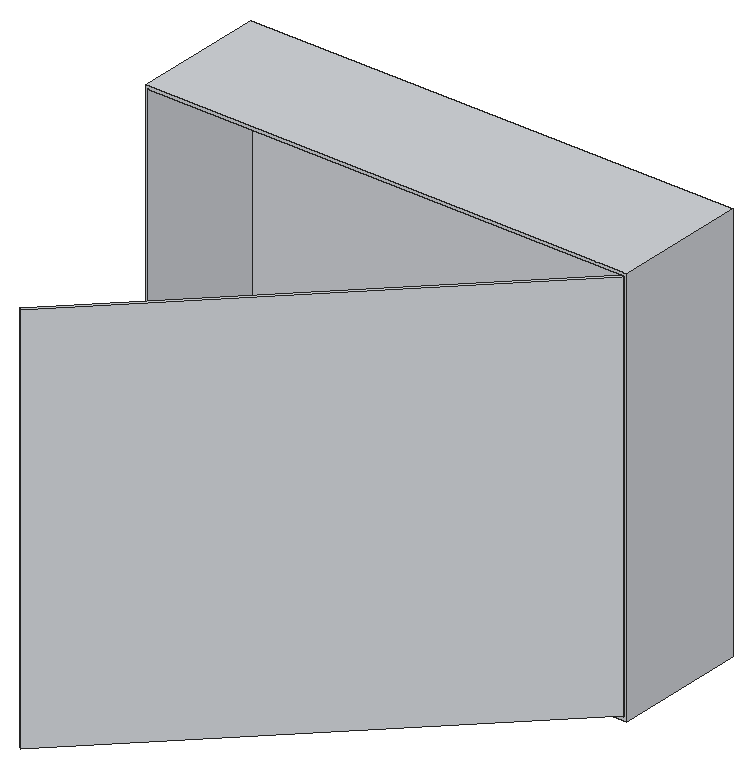
Revit family "Univers-IP41-empty-Surface_mounted-NoHosted-CH-en", category Electrical Equipment, Revit 2020
Family settings
  Panel Configuration = Two Columns, Circuits Across
  Round Connector Dimension = Use Diameter
  Part Type = Panelboard
  Work Plane-Based = Yes
  Always vertical = Yes
  Cut with Voids When Loaded = No
  Shared = No
  Room Calculation Point = No
Parameters (values of type "Surface mounted IP41 W540 H450 D148 0 Modular spacings - FB3008SN")
  Width Control [instance] = if([HG000006 - Flush mounted], if([EF000846 - Built-in width] > min_whd, [EF000846 - Built-in width], min_whd), if([EF000008 - Width] > min_whd, ([EF000008 - Width]), min_whd))  # 540 mm
  Void Depth [instance] = if([EF000218 - Built-in depth] > 1 mm, [EF000218 - Built-in depth], 1 mm)  # 84 mm
  Type Comments = [HG000003 - Range]  # "Univers"
  System Height [instance] = Height Control - 2 * [HG000005 - Thickness]  # 444 mm
  Panel Name [instance] = ""  # (empty or 0)
  Offset [instance] = 0 mm
  Model = [HG000004 - Manufacturer reference]  # "FB3008SN"
  Level Offset [instance] = [Flush Mounted - Door Frame Width] + Offset  # 0 mm
  HG000011 - Empty rows from bottom = no
  HG000005 - Thickness = 3 mm  # constant formula
  Description = ""
  Default Elevation = 1219.2 mm
  Arrow Offset [instance] = Depth Control / 8  # 18.5 mm
  Arrow Height [instance] = Depth Control - Arrow Offset  # 129.5 mm
  Host Offset [instance] = if([HG000006 - Flush mounted], 0 mm, [EF000049 - Depth])  # 148 mm
  min_whd [instance] = (2 * [HG000005 - Thickness]) + 1 mm  # 7 mm
  Manufacturer = "Hager"  # constant formula
  Height Control [instance] = if([HG000006 - Flush mounted], if([EF000332 - Built-in height] > min_whd, [EF000332 - Built-in height], min_whd), if([EF000040 - Height] > min_whd, ([EF000040 - Height]), min_whd))  # 450 mm
  HG000010 - Asymmetric doors = no
  HG000009 - Double swing door = no
  HG000008 - Number of empty rows = 0
  HG000007 - Number of empty columns = 0
  HG000006 - Flush mounted = no
  HG000004 - Manufacturer reference = "FB3008SN"
  HG000003 - Range = "Univers"
  HG000002 - With door or cover = yes
  HG000001 - Number of columns = 0
  Flush Mounted - Door Frame Width [instance] = if(([EF000040 - Height] - [EF000332 - Built-in height]) > 0 mm, if([HG000006 - Flush mounted], [EF000040 - Height] - [EF000332 - Built-in height], 0 mm), 0 mm)  # 0 mm
  EF015941 - Signal passing door = no
  EF015777 - Neutral terminal block = no
  EF015776 - Earthing terminal block = no
  EF009212 - Cover model = "EV000116 - Closed"
  EF006306 - With lock = no
  EF006244 - Transparent cover/door = no
  EF005474 - Degree of protection (IP) = "EV006416 - IP41"
  EF004462 - Type of closure = "0"
  EF002950 - Width in number of modular spacings = 0
  EF001596 - Material housing = "EV000154 - Other"
  EF001134 - DIN-rail = no
  EF001131 - Internal depth = 84 mm
  EF001088 - Extension possible = no
  EF001062 - EMC-version = no
  EF000846 - Built-in width = 300 mm
  EF000339 - Type of cover = "EV004216 - Door"
  EF000332 - Built-in height = 0 mm
  EF000266 - Number of rows = 0
  EF000218 - Built-in depth = 84 mm
  EF000118 - With mounting plate = no
  EF000116 - RAL-number = "9010"
  EF000049 - Depth = 148 mm
  EF000040 - Height = 450 mm
  EF000008 - Width = 540 mm
  EF000007 - Colour = "EV000202 - White"
  EF000003 - Mounting method = "EV000384 - Surface mounted (plaster)"
  Door_Right [instance] = yes
  Door_Left [instance] = not(Door_Right)  # no
  Door Swing Angle [instance] = 45.00°
  Door 3d Visibility [instance] = yes
  Depth Control [instance] = if([HG000006 - Flush mounted], if([EF000218 - Built-in depth] > 0 mm, [EF000218 - Built-in depth], 1 mm), if([EF000049 - Depth] > 0 mm, ([EF000049 - Depth]), 1 mm))  # 148 mm
  Clearance Visibility [instance] = no
Types (3, lengths in mm): name | Width Control | System Height | Model | Arrow Offset | Arrow Height | Host Offset | Height Control | HG000004 - Manufacturer reference | EF004462 - Type of closure | EF000846 - Built-in width | EF000049 - Depth | EF000040 - Height | EF000008 - Width | Depth Control
  Surface mounted IP41 W350 H350 D128 0 Modular spacings - FB2008LN | 350 | 344 | "FB2008LN" | 16 | 112 | 128 | 350 | "FB2008LN" | "EV000154 - Other" | 200 | 128 | 350 | 350 | 128
  Surface mounted IP41 W450 H450 D128 0 Modular spacings - FB3008LN | 450 | 444 | "FB3008LN" | 16 | 112 | 128 | 450 | "FB3008LN" | "EV000154 - Other" | 300 | 128 | 450 | 450 | 128
  Surface mounted IP41 W540 H450 D148 0 Modular spacings - FB3008SN | 540 | 444 | "FB3008SN" | 18.5 | 129.5 | 148 | 450 | "FB3008SN" | "0" | 300 | 148 | 450 | 540 | 148
Reference planes
  plane 1 "Center (Front/Back)": y = 0
  plane 2: z = 0
  plane 3 "Center (Left/Right)": x = 0
  plane 4: y = 3
  plane 5: y = 0
  plane 6: y = 0
  plane 7: z = 0
  plane 8: x = -270
  plane 9: x = 270
  plane 10: x = 267
  plane 11: x = -267
  plane 12: z = 0
  plane 13: z = 3
  plane 14: y = -143
  plane 15: y = -148
  plane 16: y = -3
  plane 17: z = 447
  plane 18: z = 450
  plane 19: z = 225
  plane 20: x = 2000
  plane 21: x = 0
  plane 22: y = -2100
  plane 23: y = -100
Forms (mm)
  Extrusion 1, solid
    sketch origin (-208.679, -4572, 0) x (-1, 0, 0) y (0, -1, 0)
      loop
        line (61.321, -4424) -> (-478.679, -4424) -> (-478.679, -4572) -> (61.321, -4572) -> (61.321, -4424)
    from 0 to 450 <- "Height Control"
  Extrusion 2, void
    sketch origin (-350.771, -148, 1219.2) x (1, 0, 0) y (0, 0, 1)
      loop
        line (83.771, -772.2) -> (83.771, -1216.2) -> (617.771, -1216.2) -> (617.771, -772.2) -> (83.771, -772.2)
    from 0 to -145
  Extrusion 3, solid, detail levels coarse
    sketch origin (-350.771, -148, 1219.2) x (-1, 0, 0) y (0, 0, 1)
      loop
        line (-83.771, -772.2) -> (-617.771, -772.2) -> (-617.771, -1216.2) -> (-83.771, -1216.2) -> (-83.771, -772.2)
    from 0 to 3 <- "HG000005 - Thickness"
Cuts and joins
  Extrusion 2 cuts Extrusion 1
Dimensions and locks
  "Flush Mounted - Door Frame Width": plane 1 "Center (Front/Back)" to plane 6
  "HG000005 - Thickness": plane 4 to plane 6
  "HG000005 - Thickness": plane 8 to plane 11
  "HG000005 - Thickness": plane 9 to plane 10
  equal spacing: plane 8, plane 3 "Center (Left/Right)", plane 9
  "Width Control": plane 8 to plane 9
  locked: plane 14 to plane 15 at 5
  "Host Offset": plane 1 "Center (Front/Back)" to plane 15
  "Depth Control": plane 5 to plane 15
  "HG000005 - Thickness": plane 5 to plane 16
  "HG000005 - Thickness": plane 13 to plane 12
  "Level Offset": plane 12 to level
  "HG000005 - Thickness": plane 18 to plane 17
  "Height Control": plane 18 to plane 12
  "Arrow Offset": plane 5 to nested 4
  equal spacing: plane 18, plane 19, plane 12
  locked: connector elem to plane 19
  locked: connector elem to plane 3 "Center (Left/Right)"
  locked: plane 3 "Center (Left/Right)" to plane 20 at 2000
  locked: plane 21 to plane 20 at 2000
  locked: plane 23 to plane 22 at 2000
  aligned and locked: nested 1 to plane 14
  aligned and locked: plane 3 "Center (Left/Right)" to nested 1
  aligned and locked: plane 3 "Center (Left/Right)" to nested 2
  aligned and locked: nested 2 to plane 15
  aligned and locked: plane 5 to Extrusion 1
  aligned and locked: Extrusion 3 sketch curve to plane 17
  aligned and locked: Extrusion 3 sketch curve to plane 11
  aligned and locked: Extrusion 3 sketch curve to plane 13
  aligned and locked: Extrusion 3 sketch curve to plane 10
  aligned and locked: Extrusion 2 sketch curve to plane 13
  aligned and locked: Extrusion 2 sketch curve to plane 10
  aligned and locked: Extrusion 2 sketch curve to plane 17
  aligned and locked: Extrusion 2 sketch curve to plane 11
  aligned and locked: plane 16 to Extrusion 2
  aligned and locked: plane 5 to Extrusion 1 sketch curve
  aligned and locked: plane 9 to Extrusion 1 sketch curve
  aligned and locked: plane 8 to Extrusion 1 sketch curve
  aligned and locked: plane 8 to nested 4
  aligned and locked: plane 8 to nested 3
  aligned and locked: nested 3 to plane 5
  aligned and locked: Extrusion 1 sketch curve to plane 15
  aligned and locked: Extrusion 2 to plane 15
Nested families
  nested 1: "Hager_Enclosure_System" at (0, -143, 3), No_Columns <- "HG000001 - Number of columns", Flush_Mounted <- "HG000006 - Flush mounted", Width <- "EF000008 - Width", Height <- "System Height", Width_Control <- "Width Control", Row_Module_Multiplicator <- "EF002950 - Width in number of modular spacings", Empty_Columns <- "HG000007 - Number of empty columns", No_Rows <- "EF000266 - Number of rows", Built-in_Width <- "EF000846 - Built-in width", Border <- "HG000005 - Thickness", Total_No_Empty_Rows <- "HG000008 - Number of empty rows", Depth <- "HG000005 - Thickness", Empty_Rows_From_Bottom <- "HG000011 - Empty rows from bottom", type "Hager_Enclosure_System", detail levels medium+fine
    with Width_Control 540 mm, Width 540 mm, Total_No_Rows 0, Total_No_Empty_Rows 0, Total_No_Columns 1, System_Width 534 mm, Rows_Column 0, Row_Module_Multiplicator 0, Panel_4 no, Panel_3 no, Panel_2 no, Panel_1 no, No_Rows 0, No_Panels_Ctrl 1, No_Columns 0, Hide_Columns yes, Height 444 mm, Flush_Mounted no, Empty_Rows_From_Bottom no, Empty_Rows_Column 0, Empty_Columns 0, Depth 3 mm, Column_Width 534 mm, Built-in_Width 300 mm, Border 3 mm
  nested 2: "Hager_Enclosure_Door" at (0, -148, 0), Double <- "HG000009 - Double swing door", Height_Ctrl <- "Height Control", Transparent <- "EF006244 - Transparent cover/door", Depth <- "EF000049 - Depth", Height <- "EF000040 - Height", Angle <- "Door Swing Angle", Door_Right <- "Door_Right", Assymetrical <- "HG000010 - Asymmetric doors", Flush_Mounted <- "HG000006 - Flush mounted", BuiltIn_Depth <- "EF000218 - Built-in depth", BuiltIn_Width <- "EF000846 - Built-in width", Door <- "HG000002 - With door or cover", Width_Ctrl <- "Width Control", 3d_Door <- "Door 3d Visibility", Width <- "EF000008 - Width", Border <- "HG000005 - Thickness", BuiltIn_Height <- "EF000332 - Built-in height", Clearance <- "Clearance Visibility", Door_Left <- "Door_Left", type "Hager_Enclosure_Door", detail levels medium+fine
    with min_wh 7 mm, Width_Ctrl 540 mm, Width 540 mm, Transparent no, Leaf_Width 531 mm, Leaf_Tolerance 1.5 mm, Leaf_Height 441 mm, Leaf_2_Width 531 mm, Leaf_2_Offset 265.5 mm, Leaf_1_Width 531 mm, Leaf_1_Offset 265.5 mm, Height_Ctrl 450 mm, Height 450 mm, Frame_Width_Ctrl 240 mm, Frame_Width 240 mm, Frame_Internal_Offset 0 mm, Frame_Height_Ctrl 450 mm, Frame_Height 450 mm, Frame_Depth_Ctrl 1 mm, Frame_Depth 0 mm, Flush_Mounted no, Double_Clearance_Ctrl no, Double no, Door_Right_Ctrl yes, Door_Right yes, Door_Left_Ctrl no, Door_Left no, Door yes, Depth 148 mm, Clearance_Depth 531 mm, Clearance_Ctrl no, Clearance no, BuiltIn_Width 300 mm, BuiltIn_Height 0 mm, BuiltIn_Depth 84 mm, Border 3 mm, Assymetrical no, Angle 45.00°, 3d_Door yes
  nested 3: "Hager_Enclosure_Symbol_Triangle" at (-270, 0, 0), Depth <- "Depth Control", Width <- "Width Control", type "Hager_Enclosure_Symbol_Triangle"
    with Width_Ctrl 540 mm, Width 540 mm, Depth_Ctrl 148 mm, Depth 148 mm
  nested 4: "Hager_Enclosure_Symbol_Arrow" at (-270, -18.5, 0), Height <- "Arrow Height", type "Hager_Enclosure_Symbol_Arrow"
    with Width_Inside 9.713 mm, Width 116.55 mm, Height_Ctrl 129.5 mm, Height 129.5 mm
Connectors
  electrical at (0, 0, 225)
    settings: on plane 5, index 1, voltage 0 V, apparent load 0 VA, apparent load phase1 0 VA, apparent load phase2 0 VA, apparent load phase3 0 VA, power factor 1, load classification "Other", number of poles 1, system type 30, power factor state 1, is connector primary yes, connector utility no, sub classification motor no, connector description ""
Definition of nested family "Hager_Enclosure_Door"
  Parameters (values of type "Hager_Enclosure_Door")
    min_wh [instance] = (2 * Border) + 1 mm  # 11 mm
    Width_Ctrl [instance] = 400 mm
    Width [instance] = 500 mm
    Transparent [instance] = yes
    Leaf_Width [instance] = if((Width_Ctrl - 2 * Border - 2 * Leaf_Tolerance) > 0 mm, (Width_Ctrl - 2 * Border - 2 * Leaf_Tolerance), min_wh)  # 387 mm
    Leaf_Tolerance [instance] = 1.5 mm  # constant formula
    Leaf_Height [instance] = if((Height_Ctrl - 2 * Border - 2 * Leaf_Tolerance) > 0 mm, (Height_Ctrl - 2 * Border - 2 * Leaf_Tolerance), min_wh)  # 387 mm
    Leaf_2_Width [instance] = if(and(and(Double, Assymetrical), Door_Left), (Leaf_Width / 3) - (Leaf_Tolerance / 2), if(and(and(Double, Assymetrical), Door_Right), (Leaf_Width / 3) * 2 - (Leaf_Tolerance / 2), if(and(Double, not(Assymetrical)), (Leaf_Width / 2) - Leaf_Tolerance, Leaf_Width)))  # 192 mm
    Leaf_2_Offset [instance] = if(and(Double, Assymetrical), Leaf_2_Width / 2, if(and(Double, not(Assymetrical)), Leaf_Width / 4, Leaf_Width / 2))  # 96.75 mm
    Leaf_1_Width [instance] = if(and(and(Double, Assymetrical), Door_Right), (Leaf_Width / 3) - (Leaf_Tolerance / 2), if(and(and(Double, Assymetrical), Door_Left), (Width / 3) * 2 - (Leaf_Tolerance / 2), if(and(Double, not(Assymetrical)), (Leaf_Width / 2) - Leaf_Tolerance, Leaf_Width)))  # 192 mm
    Leaf_1_Offset [instance] = if(and(Double, Assymetrical), Leaf_1_Width / 2, if(and(Double, not(Assymetrical)), Leaf_Width / 4, Leaf_Width / 2))  # 96.75 mm
    Height_Ctrl [instance] = 400 mm
    Height [instance] = 500 mm
    Frame_Width_Ctrl [instance] = if(Frame_Width > 0 mm, Frame_Width, 1 mm)  # 1 mm
    Frame_Width [instance] = Width - BuiltIn_Width  # 0 mm
    Frame_Internal_Offset [instance] = if(Flush_Mounted, Border, 0 mm)  # 0 mm
    Frame_Height_Ctrl [instance] = if(Frame_Height > 0 mm, Frame_Height, 1 mm)  # 1 mm
    Frame_Height [instance] = Height - BuiltIn_Height  # 0 mm
    Frame_Depth_Ctrl [instance] = if(Frame_Depth > 0 mm, Frame_Depth, 1 mm)  # 1 mm
    Frame_Depth [instance] = if(Depth - BuiltIn_Depth > 0 mm, if(Flush_Mounted, Depth - BuiltIn_Depth, 0 mm), 0 mm)  # 0 mm
    Flush_Mounted [instance] = no
    Double_Clearance_Ctrl [instance] = and(Double, Clearance)  # yes
    Double [instance] = yes
    Door_Right_Ctrl [instance] = and(or(Door_Right, Double), Door)  # yes
    Door_Right [instance] = yes
    Door_Left_Ctrl [instance] = and(or(Door_Left, Double), Door)  # yes
    Door_Left [instance] = no
    Door [instance] = yes
    Depth [instance] = 500 mm
    Default Elevation = 1219.2 mm
    Clearance_Material = none
    Clearance_Depth [instance] = if(Leaf_1_Width > Leaf_2_Width, Leaf_1_Width, Leaf_2_Width)  # 192 mm
    Clearance_Ctrl [instance] = and(not(Double), Clearance)  # no
    Clearance [instance] = yes
    BuiltIn_Width [instance] = 500 mm
    BuiltIn_Height [instance] = 500 mm
    BuiltIn_Depth [instance] = 500 mm
    Border [instance] = 5 mm
    Assymetrical [instance] = no
    Angle [instance] = 65.00°
    3d_Door [instance] = yes
  Reference planes
    plane 1 "Center (Front/Back)": y = 0
    plane 2 "Bottom": z = 0
    plane 3 "Center (Left/Right)": x = 0
    plane 4: z = 400
    plane 5: x = -200
    plane 6: x = 200
    plane 7: z = 395
    plane 8: x = -195
    plane 9: z = 5
    plane 10: x = 195
    plane 11: y = 0
    plane 12: z = 6.5
    plane 13: x = -387
    plane 14: y = -192
    plane 15: x = 387
    plane 16: x = -96.75
    plane 17: x = 96.75
    plane 18: x = -193.5
    plane 19: x = 193.5
    plane 20: z = 393.5
  Forms (mm)
    Extrusion 1, solid, visible <- "Flush_Mounted"
      sketch origin (0, 0, 0) x (1, 0, 0) y (0, 0, 1)
        loop
          line (200, 0) -> (200, 400) -> (-200, 400) -> (-200, 0) -> (200, 0)
        loop
          line (-201, 401) -> (-201, -1) -> (201, -1) -> (201, 401) -> (-201, 401)
      from 0 to 1 <- "Frame_Depth_Ctrl"
    Extrusion 2, solid, material <- "Clearance_Material", visible <- "Double_Clearance_Ctrl"
      sketch origin (1200, 0, 0) x (1, 0, 0) y (0, 0, -1)
        loop
          line (-1587, -393.5) -> (-813, -393.5) -> (-813, 0) -> (-1587, 0) -> (-1587, -393.5)
      from 0 to -192
  Dimensions and locks
    equal spacing: plane 5, plane 3 "Center (Left/Right)", plane 6
    "Width_Ctrl": plane 5 to plane 6
    "Border": plane 5 to plane 8
    "Border": plane 6 to plane 10
    "Border": plane 9 to level
    "Border": plane 4 to plane 7
    "Height_Ctrl": plane 4 to level
    "Leaf_Tolerance": plane 12 to plane 9
    "Frame_Depth": plane 11 to plane 1 "Center (Front/Back)"
    "Frame_Width_Ctrl": plane 5 to Extrusion 1 sketch curve
    "Frame_Width_Ctrl": plane 6 to Extrusion 1 sketch curve
    "Frame_Width_Ctrl": Extrusion 1 sketch curve to plane 4
    "Frame_Width_Ctrl": plane 2 "Bottom" to Extrusion 1 sketch curve
    "Leaf_1_Offset": plane 18 to plane 16
    "Leaf_2_Offset": plane 17 to plane 19
    "Leaf_1_Width": plane 13 to plane 8
    "Leaf_2_Width": plane 10 to plane 15
    "Clearance_Depth": plane 14 to plane 1 "Center (Front/Back)"
    "Leaf_Tolerance": plane 8 to plane 18
    "Leaf_Tolerance": plane 19 to plane 10
    "Leaf_Tolerance": plane 7 to plane 20
    "Frame_Internal_Offset": plane 5 to Extrusion 1 sketch curve
    "Frame_Internal_Offset": Extrusion 1 sketch curve to plane 2 "Bottom"
    "Frame_Internal_Offset": plane 6 to Extrusion 1 sketch curve
    "Frame_Internal_Offset": plane 4 to Extrusion 1 sketch curve
    aligned and locked: level to plane 2 "Bottom"
    aligned and locked: nested 1 to plane 16
    aligned and locked: nested 2 to plane 17
    aligned and locked: Extrusion 2 to plane 13
    aligned and locked: plane 15 to Extrusion 2
    aligned and locked: Extrusion 2 to plane 14
    aligned and locked: plane 12 to nested 1
    aligned and locked: nested 2 to plane 12
    aligned and locked: Extrusion 2 to plane 11
    aligned and locked: plane 20 to Extrusion 2
    aligned and locked: nested 2 to plane 11
    aligned and locked: nested 1 to plane 11
  Automatic sketch dimensions
    Extrusion 2 sketch curve to level = 0 mm
    plane 5 to Extrusion 2 sketch curve = 187 mm
    plane 6 to Extrusion 2 sketch curve = 187 mm
    Extrusion 2 sketch curve to plane 4 = 6.5 mm
  Nested families
    nested 1: "Hager_Enclosure_Door_Leaf" at (-96.75, 0, 6.5), Width <- "Leaf_1_Width", visible <- "Door_Left_Ctrl", Leaf_Height <- "Leaf_Height", Angle <- "Angle", Depth <- "Border", 3d_Door <- "3d_Door", Transparent <- "Transparent", Clearance Material <- "Clearance_Material", Clearance <- "Clearance_Ctrl", type "Hager_Enclosure_Door_Leaf"
      with Width 192 mm, Transparent_Door_Border 25 mm, Transparent_Ctrl yes, Transparent yes, Standard no, Leaf_Height 387 mm, Glass_Offset 1 mm, Depth 5 mm, Clearance Material none, Clearance no, Angle_Ctrl 65.00°, Angle 65.00°, 3d_Door yes
    nested 2: "Hager_Enclosure_Door_Leaf" at (96.75, 0, 6.5) x (-1, 0, 0) z (0, 0, 1), Width <- "Leaf_2_Width", visible <- "Door_Right_Ctrl", Leaf_Height <- "Leaf_Height", Angle <- "Angle", Depth <- "Border", 3d_Door <- "3d_Door", Transparent <- "Transparent", Clearance Material <- "Clearance_Material", Clearance <- "Clearance_Ctrl", type "Hager_Enclosure_Door_Leaf"
      with Width 192 mm, Transparent_Door_Border 25 mm, Transparent_Ctrl yes, Transparent yes, Standard no, Leaf_Height 387 mm, Glass_Offset 1 mm, Depth 5 mm, Clearance Material none, Clearance no, Angle_Ctrl 65.00°, Angle 65.00°, 3d_Door yes
  Definition of nested family "Hager_Enclosure_Door_Leaf"
    Parameters (values of type "Hager_Enclosure_Door_Leaf")
      Width [instance] = 200 mm
      Transparent_Door_Border [instance] = 25 mm  # constant formula
      Transparent_Ctrl [instance] = and(Transparent, [3d_Door])  # yes
      Transparent [instance] = yes
      Standard [instance] = and(not(Transparent), [3d_Door])  # no
      Leaf_Height [instance] = 500 mm
      Glass_Offset [instance] = if((Depth - 10 mm) / 2 > 0 mm, (Depth - 10 mm) / 2, 1 mm)  # 1 mm
      Glass_Material = none
      Depth [instance] = 3 mm
      Default Elevation = 0 mm
      Clearance Material [instance] = none
      Clearance [instance] = no
      Angle_Ctrl [instance] = if(Angle > 170.00°, 170.00°, Angle)  # 163.00°
      Angle [instance] = 163.00°
      3d_Door [instance] = yes
    Reference planes
      plane 1 "Center (Front/Back)": y = 0
      plane 2: z = 0
      plane 3 "Center (Left/Right)": x = 0
      plane 4: y = 200
      plane 5: x = -100
      plane 6: x = 100
      plane 7: x = -300
      plane 8: z = 500
      plane 9: z = 25
      plane 10: z = 475
      plane 11: x = 75
      plane 12: x = -75
    Forms (mm)
      Extrusion 1, solid, material <- "Clearance Material", visible <- "Clearance"
        sketch origin (0, 0, 0) x (1, 0, 0) y (0, 0, 1)
          loop
            line (-300, 500) -> (-300, 0) -> (100, 0) -> (100, 500) -> (-300, 500)
        from 0 to -200
      Extrusion 2, solid, visible <- "Standard", detail levels fine
        sketch origin (-100, 0, 0) x (-0.956305, 0.292372, 0) y (-0.292372, -0.956305, 0)
          loop
            line (0, -3) -> (200, -3) -> (200, 0) -> (0, 0) -> (0, -3)
        from 0 to 500 <- "Leaf_Height"
      Extrusion 3, solid, visible <- "Transparent_Ctrl", detail levels fine
        sketch origin (-100, 0, 0) x (-0.956305, 0.292372, 0) y (-0.292372, -0.956305, 0)
          loop
            line (0, -3) -> (200, -3) -> (200, 0) -> (0, 0) -> (0, -3)
        from 0 to 500 <- "Leaf_Height"
      Extrusion 4, void, detail levels fine
        sketch origin (-100, 0, 0) x (-0.292372, -0.956305, 0) y (-0.956305, 0.292372, 0)
          loop
            line (0, 25) -> (0, 175) -> (-3, 175) -> (-3, 25) -> (0, 25)
        from -475 to -25
      Extrusion 5, solid, material <- "Glass_Material", visible <- "Transparent_Ctrl", detail levels fine
        sketch origin (-100, 0, 0) x (-0.956305, 0.292372, 0) y (-0.292372, -0.956305, 0)
          loop
            line (25, -1) -> (25, -2) -> (175, -2) -> (175, -1) -> (25, -1)
        from 25 to 475
    Cuts and joins
      Extrusion 4 cuts Extrusion 3
    Lines and regions (mm)
      symbolic lines
        curve 1: line (100, 0, 0) -> (-300, 0, 0)
        curve 2: arc (100, 0, 0) -> (-100, 200, 0) -> (-300, 0, 0) r 200
        curve 4: line (-100, 0, 0) -> (-291.261, 58.474, 0)
      reference lines
        curve 3: line (-100, 0, 0) -> (-291.261, 58.474, 0)
      symbolic lines, detail levels medium+fine
        curve 5: line (-291.261, 58.474, 0) -> (-290.384, 61.343, 0)
        curve 6: line (-290.384, 61.343, 0) -> (-99.123, 2.869, 0)
        curve 7: line (-99.123, 2.869, 0) -> (-100, 0, 0)
      symbolic lines, detail levels fine
        curve 8: line (-100, 0, 500) -> (100, 0, 500)
        curve 9: line (-100, 0, 0) -> (-100, 0, 500)
        curve 10: line (100, 0, 0) -> (-100, 0, 0)
        curve 11: line (100, 0, 500) -> (100, 0, 0)
      symbolic lines, visible <- "Transparent_Ctrl", detail levels fine
        curve 12: line (-75, 0, 475) -> (75, 0, 475)
        curve 13: line (-75, 0, 25) -> (-75, 0, 475)
        curve 14: line (75, 0, 25) -> (-75, 0, 25)
        curve 15: line (75, 0, 475) -> (75, 0, 25)
    Dimensions and locks
      "Width": plane 1 "Center (Front/Back)" to plane 4
      equal spacing: plane 5, plane 3 "Center (Left/Right)", plane 6
      "Width": plane 5 to plane 6
      "Width": plane 7 to plane 5
      "Leaf_Height": plane 8 to level
      "Depth": curve 6 to curve 3
      "Width": curve 5 to curve 3
      "Width": curve 3 to curve 3
      "Transparent_Door_Border": Extrusion 4 sketch curve to curve 7
      "Transparent_Door_Border": Extrusion 4 sketch curve to curve 5
      "Transparent_Door_Border": plane 8 to plane 10
      "Transparent_Door_Border": plane 9 to level
      "Glass_Offset": Extrusion 5 sketch curve to curve 4
      "Glass_Offset": Extrusion 5 sketch curve to curve 6
      "Transparent_Door_Border": Extrusion 5 sketch curve to curve 5
      "Transparent_Door_Border": Extrusion 5 sketch curve to curve 7
      "Transparent_Door_Border": plane 12 to plane 5
      "Transparent_Door_Border": plane 6 to plane 11
      "Angle_Ctrl": angle plane 1 "Center (Front/Back)" to curve 3
      aligned and locked: level to plane 2
      aligned and locked: Extrusion 1 to curve 1
      aligned and locked: plane 6 to Extrusion 1
      aligned and locked: plane 1 "Center (Front/Back)" to Extrusion 1
      aligned and locked: plane 4 to Extrusion 1
      aligned and locked: plane 8 to Extrusion 1
      aligned and locked: curve 4 to curve 3
      aligned and locked: Extrusion 2 sketch curve to curve 7
      aligned and locked: Extrusion 2 sketch curve to curve 6
      aligned and locked: Extrusion 2 sketch curve to curve 5
      aligned and locked: Extrusion 2 sketch curve to curve 3
      aligned and locked: curve 7 to Extrusion 3 sketch curve
      aligned and locked: Extrusion 3 sketch curve to curve 4
      aligned and locked: Extrusion 3 sketch curve to curve 6
      aligned and locked: Extrusion 3 sketch curve to curve 5
      aligned and locked: curve 4 to Extrusion 4 sketch curve
      aligned and locked: curve 6 to Extrusion 4 sketch curve
      aligned and locked: Extrusion 4 to plane 9
      aligned and locked: Extrusion 4 to plane 10
      aligned and locked: Extrusion 5 to plane 9
      aligned and locked: Extrusion 5 to plane 10
      aligned and locked: curve 8 to plane 8
      aligned and locked: plane 5 to curve 9
      aligned and locked: plane 2 to curve 10
      aligned and locked: curve 11 to plane 6
      aligned and locked: plane 10 to curve 12
      aligned and locked: plane 12 to curve 13
      aligned and locked: plane 9 to curve 14
      aligned and locked: plane 11 to curve 15
    Automatic sketch dimensions
      plane 1 "Center (Front/Back)" to curve 2 = 0 mm
      curve 2 to plane 5 = 0 mm
      Extrusion 1 sketch curve to level = 0 mm
      Extrusion 1 sketch curve to plane 7 = 0 mm
      Extrusion 1 sketch curve to plane 6 = 0 mm
      Extrusion 1 sketch curve to plane 8 = 0 mm
      plane 1 "Center (Front/Back)" to curve 3 = 0 mm
      curve 3 to plane 5 = 0 mm
      curve 7 to curve 3 = 0 mm
Definition of nested family "Hager_Enclosure_Symbol_Triangle"
  Parameters (values of type "Hager_Enclosure_Symbol_Triangle")
    Width_Ctrl [instance] = if(Width > 1 mm, Width, 1 mm)  # 498 mm
    Width [instance] = 498 mm
    Depth_Ctrl [instance] = if(Depth > 1 mm, Depth, 1 mm)  # 72 mm
    Depth [instance] = 72 mm
  Reference planes
    plane 1 "Centre (avant/arrière)": y = 0
    plane 2: z = 0
    plane 3 "Centre (gauche/droite)": x = 0
  Lines and regions (mm)
    Filled region 1, type "Solid_Black", in view "Niveau de réf."
      outline origin (0, 0, 0) x (1, 0, 0) y (0, 1, 0)
        loop
          line (0, 0) -> (498, 0) -> (498, 72) -> (0, 0)
    reference lines, in view "Niveau de réf."
      curve 1: line (-206.153, 72, 0) -> (1083.258, 72, 0)
      curve 2: line (498, 405.456, 0) -> (498, -517.619, 0)
  Dimensions and locks
    "Depth_Ctrl": plane 1 "Centre (avant/arrière)" to curve 1
    "Width_Ctrl": plane 3 "Centre (gauche/droite)" to curve 2
    aligned and locked: curve 1 to Filled region 1 sketch curve
    aligned and locked: Filled region 1 sketch curve to plane 1 "Centre (avant/arrière)"
    aligned and locked: curve 2 to Filled region 1 sketch curve
    aligned and locked: plane 3 "Centre (gauche/droite)" to Filled region 1 sketch curve
    aligned and locked: plane 1 "Centre (avant/arrière)" to Filled region 1 sketch curve
  Automatic sketch dimensions
    curve 1 to plane 3 "Centre (gauche/droite)" = 206.153 mm
    curve 2 to curve 1 = 585.258 mm
    plane 1 "Centre (avant/arrière)" to curve 2 = 517.619 mm
    curve 2 to plane 1 "Centre (avant/arrière)" = 405.456 mm
Definition of nested family "Hager_Enclosure_Symbol_Arrow"
  Parameters (values of type "Hager_Enclosure_Symbol_Arrow")
    Width_Inside [instance] = if(Width / 12 > 2 mm, Width / 12, 2 mm)  # 4.987 mm
    Width [instance] = if(Height_Ctrl * 0.9 > 2 mm, Height_Ctrl * 0.9, 2 mm)  # 59.85 mm
    Height_Ctrl [instance] = if(Height > 2 mm, Height, 2 mm)  # 66.5 mm
    Height [instance] = 66.5 mm
  Reference planes
    plane 1 "Centre (avant/arrière)": y = 0
    plane 2: z = 0
    plane 3 "Centre (gauche/droite)": x = 0
    plane 4: x = 59.85
    plane 5: y = 28.263
    plane 6: y = 38.238
    plane 7: y = 66.5
    plane 8: x = 29.925
    plane 9: y = 33.25
  Lines and regions (mm)
    Filled region 1, type "Solid_Black", in view "Niveau de réf."
      outline origin (0, 0, 0) x (1, 0, 0) y (0, 1, 0)
        loop
          line (59.85, 66.5) -> (37.929, 52.827) -> (51.846, 41.935) -> (59.85, 66.5)
    detail lines, in view "Niveau de réf."
      curve 1: line (0, 0, 0) -> (29.925, 38.238, 0)
      curve 2: line (29.925, 38.238, 0) -> (29.925, 28.263, 0)
      curve 3: line (29.925, 28.263, 0) -> (59.85, 66.5, 0)
  Dimensions and locks
    "Width": plane 3 "Centre (gauche/droite)" to plane 4
    "Height_Ctrl": plane 7 to plane 1 "Centre (avant/arrière)"
    equal spacing: plane 3 "Centre (gauche/droite)", plane 8, plane 4
    equal spacing: plane 7, plane 9, plane 1 "Centre (avant/arrière)"
    equal spacing: plane 6, plane 9, plane 5
    "Width_Inside": plane 6 to plane 9
    equal spacing: curve 3, Filled region 1 sketch curve, Filled region 1 sketch curve
    angle Filled region 1 sketch curve to curve 3 = 20.00°
    angle curve 3 to Filled region 1 sketch curve = 20.00°
    locked: curve 3 to Filled region 1 sketch curve (angle 90.00°)
  Automatic sketch dimensions
    plane 1 "Centre (avant/arrière)" to curve 1 = 0 mm
    curve 1 to plane 3 "Centre (gauche/droite)" = 0 mm
    curve 2 to plane 6 = 0 mm
    curve 3 to plane 8 = 0 mm
    curve 3 to plane 4 = 0 mm
    curve 2 to plane 5 = 0 mm
    curve 3 to plane 7 = 0 mm
    Filled region 1 sketch curve to plane 4 = 0 mm
    Filled region 1 sketch curve to plane 7 = 0 mm
